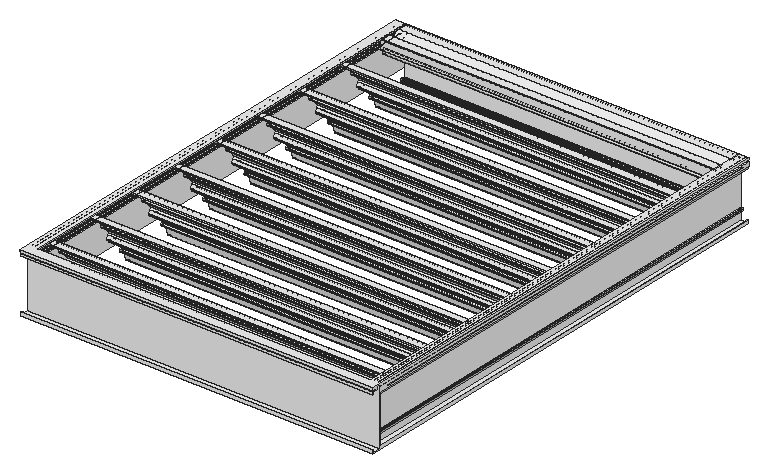
Revit family "All-Lite EFK-637_R17", category Mechanical Equipment, host Face, Revit 2017
Family settings
  Host = Face
  Round Connector Dimension = Use Diameter
  Part Type = Normal
  Cut with Voids When Loaded = No
  Shared = No
  Room Calculation Point = No
Parameters (values of type "36" x 48"")
  Width Control = if(Width < 4 1/2", 4 1/2", Width)  # 36"
  Width = 36"
  Wall Depth [instance] = 12"
  Velocity @ .15 in. wg. Pressure Loss = "1096 fpm"  # constant formula
  URL = "https://www.pottorff.com/"
  Pressure Loss = ".17 in. wg"  # constant formula
  Screen = "1/2'' x 0.063'' expanded and flattened aluminum."  # constant formula
  Product URL = ""
  Revit Components [instance] = "www.commensestudio.com"
  Mullion = "Visible"  # constant formula
  Modeled By = "Commense Studio"  # constant formula
  Model = "EFK-637"  # constant formula
  Maximum Size = "60'' x 120''"  # constant formula
  Louver Placement from Face [instance] = 1"
  Height Control = if(Height < 9", 9", Height)  # 48"
  Free Area Velocity = "1157 fpm"  # constant formula
  Design Load = "30 psf"  # constant formula
  Air Volume Delivered = "10102 cfm"  # constant formula
  Material = "Mill finish 6063-T5 extruded aluminum."  # constant formula
  Manufacturer = "All-Lite"  # constant formula
  Aluminum [instance] = Aluminum
  Blade Width = Width - 2"  # 34"
  Frame = "6'' deep x 0.081'' thick channel."  # constant formula
  Description = "The EFK-637 extruded aluminum louver is designed for intake\r\nand exhaust application where protection against water\r\ninfiltration is not critical. The EFK-637 is well suited for special\r\nshape applications and is available with hidden mullions for a\r\ncontinuous blade appearance of multiple section assemblies.\r\nThe EFK-637 is available in a wide array of anodized and\r\npainted finishes including custom color matching."  # constant formula
  Height = 48"
  Depth = 6"  # constant formula
  Default Elevation = 0"
  Minimum Size = "4.5'' x 9.0'"  # constant formula
  Blades = "37.5° x 0.081'' thick J- style."  # constant formula
  Assembly Code = "B3020300"
  Array Control 2 = if(Array Control 1 < 2, 2, Array Control 1)  # 8
  Array Control 1 = (Height - 10") / 4 3/4"  # 8
Types (3): name | Width Control | Width | URL | Product URL | Height Control | Blade Width | Height | Array Control 2 | Array Control 1
  (no name) | 36" | 36" | "https://www.pottorff.com/" | "" | 48" | 34" | 48" | 8 | 8
  60" x 120" | 60" | 60" | "https://www.alllite.com/" | "https://www.alllite.com/media/resource/EFK637.pdf" | 120" | 58" | 120" | 23 | 23
  36" x 48" | 36" | 36" | "https://www.pottorff.com/" | "" | 48" | 34" | 48" | 8 | 8
Reference planes (in)
  plane 1 "Center (Front/Back)": y = 0
  plane 2: z = 0
  plane 3 "Center (Left/Right)": x = 0
  plane 4 "L": x = -18
  plane 5 "R": x = 18
  plane 6 "B": y = 24
  plane 7 "F": y = -24
  plane 8 "Framing Sweeps": z = -1
  plane 9: x = -17
  plane 10: x = 17
  plane 11 "blade": z = -1.081
  plane 12: y = -21.75
  plane 13: y = 20.7965
  plane 14: y = 15.5
  plane 15: z = -7
  plane 16: z = -12
Forms (in)
  Sweep 1, solid, material "Aluminum" <- "Aluminum"
    path origin (0, 0, -1) x (-1, 0, 0) y (0, -1, 0)
      loop
        line (18, 24) -> (-18, 24)
    profile origin (0, -24, -1) x (0, 1, 0) y (0, 0, 1)
      loop
        line (0.984, -5.919) -> (0.984, 0) -> (0, 0) -> (0, -0.206) -> (0.065, -0.206)
        arc (0.065, -0.206) -> (0.07568, -0.17511) -> (0.10563, -0.162) r 0.04076
        line (0.10563, -0.162) -> (0.181, -0.162) -> (0.181, -0.081) -> (0.309, -0.081) -> (0.309, -0.162) -> (0.4005, -0.162) -> (0.4005, -0.305) -> (0, -0.305) -> (0, -0.5625) -> (0.081, -0.5625) -> (0.081, -0.386) -> (0.4815, -0.386) -> (0.4815, -0.081) -> (0.903, -0.081) -> (0.903, -5.919) -> (0.081, -5.919) -> (0.081, -5.6875) -> (0, -5.6875) -> (0, -6) -> (3.984, -6) -> (3.984, -5.919) -> (0.984, -5.919)
  Sweep 2, solid, material "Aluminum" <- "Aluminum"
    path origin (0, 0, -1) x (-1, 0, 0) y (0, -1, 0)
      loop
        line (17, -24) -> (-17, -24)
    profile origin (0, 24, -1) x (0, 1, 0) y (0, 0, 1)
      loop
        line (0, -6) -> (0, -0.213) -> (-0.401, -0.213) -> (-0.401, -0.07) -> (-0.09873, -0.07)
        arc (-0.09873, -0.07) -> (-0.08447, -0.07703) -> (-0.08138, -0.09263) r 0.01796
        arc (-0.08138, -0.09263) -> (-0.07846, -0.10736) -> (-0.065, -0.114) r 0.01697
        line (-0.065, -0.114) -> (0, -0.114) -> (0, 0) -> (-0.99667, 0) -> (-1.696, -0.69933) -> (-1.63872, -0.7566) -> (-0.96312, -0.081) -> (-0.482, -0.081) -> (-0.482, -0.294) -> (-0.081, -0.294) -> (-0.081, -0.812) -> (-0.29327, -0.812)
        arc (-0.29327, -0.812) -> (-0.33377, -0.8525) -> (-0.29327, -0.893) r 0.0405
        line (-0.29327, -0.893) -> (-0.1249, -0.893)
        arc (-0.1249, -0.893) -> (-0.0809, -0.937) -> (-0.1249, -0.981) r 0.044
        line (-0.1249, -0.981) -> (-0.59685, -0.981)
        arc (-0.59685, -0.981) -> (-0.56224, -0.94639) -> (-0.59685, -0.91177) r 0.03461
        line (-0.59685, -0.91177) -> (-0.90713, -0.91177)
        arc (-0.90713, -0.91177) -> (-0.92864, -0.90877) -> (-0.9485, -0.9) r 0.07856
        line (-0.9485, -0.9) -> (-3.1065, -0.9) -> (-3.1065, -0.081) -> (-2.2275, -0.081)
        arc (-2.2275, -0.081) -> (-2.187, -0.0405) -> (-2.2275, 0) r 0.0405
        line (-2.2275, 0) -> (-3.14844, 0)
        arc (-3.14844, 0) -> (-3.17606, -0.01144) -> (-3.1875, -0.03906) r 0.03906
        line (-3.1875, -0.03906) -> (-3.1875, -0.94378)
        arc (-3.1875, -0.94378) -> (-3.1766, -0.9701) -> (-3.15028, -0.981) r 0.03722
        line (-3.15028, -0.981) -> (-2.89238, -0.981)
        arc (-2.89238, -0.981) -> (-2.86453, -0.99253) -> (-2.853, -1.02038) r 0.03938
        line (-2.853, -1.02038) -> (-2.853, -1.13575)
        arc (-2.853, -1.13575) -> (-2.85952, -1.15736) -> (-2.87691, -1.17175) r 0.03906
        arc (-2.87691, -1.17175) -> (-2.97427, -1.2875) -> (-2.93733, -1.43417) r 0.166
        arc (-2.93733, -1.43417) -> (-2.88042, -1.43766) -> (-2.87642, -1.38078) r 0.0405
        arc (-2.87642, -1.38078) -> (-2.8125, -1.23975) -> (-2.74858, -1.38078) r 0.085
        arc (-2.74858, -1.38078) -> (-2.74482, -1.43793) -> (-2.68767, -1.43417) r 0.0405
        arc (-2.68767, -1.43417) -> (-2.65073, -1.2875) -> (-2.74809, -1.17175) r 0.166
        arc (-2.74809, -1.17175) -> (-2.76548, -1.15736) -> (-2.772, -1.13575) r 0.03906
        line (-2.772, -1.13575) -> (-2.772, -1.01598)
        arc (-2.772, -1.01598) -> (-2.76176, -0.99124) -> (-2.73702, -0.981) r 0.03498
        line (-2.73702, -0.981) -> (-1.89304, -0.981)
        arc (-1.89304, -0.981) -> (-1.86473, -0.99273) -> (-1.853, -1.02104) r 0.04004
        line (-1.853, -1.02104) -> (-1.853, -1.12468)
        arc (-1.853, -1.12468) -> (-1.8616, -1.15456) -> (-1.88475, -1.1753) r 0.05622
        arc (-1.88475, -1.1753) -> (-1.97518, -1.29171) -> (-1.93733, -1.43417) r 0.166
        arc (-1.93733, -1.43417) -> (-1.88042, -1.43766) -> (-1.87642, -1.38078) r 0.0405
        arc (-1.87642, -1.38078) -> (-1.8125, -1.23975) -> (-1.74858, -1.38078) r 0.085
        arc (-1.74858, -1.38078) -> (-1.74458, -1.43766) -> (-1.68767, -1.43417) r 0.0405
        arc (-1.68767, -1.43417) -> (-1.65054, -1.28834) -> (-1.74651, -1.17243) r 0.166
        arc (-1.74651, -1.17243) -> (-1.76506, -1.15683) -> (-1.772, -1.13361) r 0.04231
        line (-1.772, -1.13361) -> (-1.772, -1.02489)
        arc (-1.772, -1.02489) -> (-1.75914, -0.99386) -> (-1.7281, -0.981) r 0.04389
        line (-1.7281, -0.981) -> (-0.831, -0.981) -> (-0.831, -1.062) -> (-0.55649, -1.062)
        arc (-0.55649, -1.062) -> (-0.52821, -1.07371) -> (-0.5165, -1.10199) r 0.03999
        line (-0.5165, -1.10199) -> (-0.5165, -1.17239)
        arc (-0.5165, -1.17239) -> (-0.52274, -1.19295) -> (-0.53936, -1.20657) r 0.03697
        arc (-0.53936, -1.20657) -> (-0.63762, -1.32211) -> (-0.60095, -1.46928) r 0.166
        arc (-0.60095, -1.46928) -> (-0.5438, -1.47311) -> (-0.53998, -1.41596) r 0.0405
        arc (-0.53998, -1.41596) -> (-0.476, -1.275) -> (-0.41202, -1.41596) r 0.085
        arc (-0.41202, -1.41596) -> (-0.4082, -1.47311) -> (-0.35105, -1.46928) r 0.0405
        arc (-0.35105, -1.46928) -> (-0.31411, -1.32328) -> (-0.41042, -1.2075) r 0.166
        arc (-0.41042, -1.2075) -> (-0.42867, -1.19222) -> (-0.4355, -1.16942) r 0.04145
        line (-0.4355, -1.16942) -> (-0.4355, -1.10206)
        arc (-0.4355, -1.10206) -> (-0.42377, -1.07373) -> (-0.39544, -1.062) r 0.04006
        line (-0.39544, -1.062) -> (-0.12312, -1.062)
        arc (-0.12312, -1.062) -> (-0.09334, -1.07434) -> (-0.081, -1.10412) r 0.04212
        line (-0.081, -1.10412) -> (-0.081, -4.85985)
        arc (-0.081, -4.85985) -> (-0.09223, -4.88696) -> (-0.11934, -4.89819) r 0.03834
        line (-0.11934, -4.89819) -> (-0.28768, -4.89819)
        arc (-0.28768, -4.89819) -> (-0.30878, -4.8918) -> (-0.32279, -4.87479) r 0.03804
        arc (-0.32279, -4.87479) -> (-0.43839, -4.77701) -> (-0.58528, -4.81374) r 0.166
        arc (-0.58528, -4.81374) -> (-0.58911, -4.87089) -> (-0.53196, -4.87471) r 0.0405
        arc (-0.53196, -4.87471) -> (-0.391, -4.93869) -> (-0.53196, -5.00267) r 0.085
        arc (-0.53196, -5.00267) -> (-0.58911, -5.00649) -> (-0.58528, -5.06364) r 0.0405
        arc (-0.58528, -5.06364) -> (-0.43875, -5.10046) -> (-0.32307, -5.00326) r 0.166
        arc (-0.32307, -5.00326) -> (-0.30856, -4.98575) -> (-0.28679, -4.97919) r 0.03939
        line (-0.28679, -4.97919) -> (-0.12037, -4.97919)
        arc (-0.12037, -4.97919) -> (-0.09253, -4.99072) -> (-0.081, -5.01856) r 0.03937
        line (-0.081, -5.01856) -> (-0.081, -5.88124)
        arc (-0.081, -5.88124) -> (-0.09206, -5.90794) -> (-0.11876, -5.919) r 0.03776
        line (-0.11876, -5.919) -> (-0.75, -5.919) -> (-0.75, -6) -> (0, -6)
  Sweep 3, solid, material "Aluminum" <- "Aluminum"
    path origin (0, 0, -1) x (-1, 0, 0) y (0, -1, 0)
      loop
        line (18, -24) -> (18, 23.016)
    profile "Profile - Vertical Frame 1 : Profile - Vertical Frame 1" origin (-18, 0.492, -1) x (1, 0, 0) y (0, 0, 1)
      loop
        line (1, 0) -> (0, 0) -> (0, -0.206) -> (0.065, -0.206) -> (0.065, -0.162) -> (0.181, -0.162) -> (0.181, -0.081) -> (0.309, -0.081) -> (0.309, -0.162) -> (0.4005, -0.162) -> (0.4005, -0.305) -> (0, -0.305) -> (0, -0.84828)
        arc (0, -0.84828) -> (0.06849, -0.99401) -> (0.21422, -1.0625) r 0.23736
        line (0.21422, -1.0625) -> (0.30841, -1.0625)
        arc (0.30841, -1.0625) -> (0.3319, -1.06867) -> (0.34933, -1.08559) r 0.04781
        arc (0.34933, -1.08559) -> (0.40799, -1.09729) -> (0.41433, -1.03782) r 0.0405
        arc (0.41433, -1.03782) -> (0.478, -0.8965) -> (0.54167, -1.03782) r 0.085
        arc (0.54167, -1.03782) -> (0.54984, -1.09855) -> (0.60875, -1.08168) r 0.0405
        arc (0.60875, -1.08168) -> (0.62096, -1.0677) -> (0.63877, -1.0625) r 0.03309
        line (0.63877, -1.0625) -> (0.794, -1.0625) -> (0.794, -2.759)
        arc (0.794, -2.759) -> (0.78434, -2.77772) -> (0.76349, -2.7807) r 0.02297
        arc (0.76349, -2.7807) -> (0.67685, -2.77464) -> (0.59901, -2.81317) r 0.166
        arc (0.59901, -2.81317) -> (0.59551, -2.87033) -> (0.65268, -2.87383) r 0.0405
        arc (0.65268, -2.87383) -> (0.794, -2.9375) -> (0.65268, -3.00117) r 0.085
        arc (0.65268, -3.00117) -> (0.59551, -3.00467) -> (0.59901, -3.06183) r 0.0405
        arc (0.59901, -3.06183) -> (0.67478, -3.09993) -> (0.75947, -3.09564) r 0.166
        arc (0.75947, -3.09564) -> (0.78314, -3.09948) -> (0.794, -3.12086) r 0.02648
        line (0.794, -3.12086) -> (0.794, -3.919) -> (0.081, -3.919) -> (0.081, -3.728)
        arc (0.081, -3.728) -> (0.0405, -3.6875) -> (0, -3.728) r 0.0405
        line (0, -3.728) -> (0, -4) -> (0.875, -4) -> (0.875, -0.9815) -> (0.66593, -0.9815)
        arc (0.66593, -0.9815) -> (0.65045, -0.97564) -> (0.64273, -0.96101) r 0.02338
        arc (0.64273, -0.96101) -> (0.47961, -0.81551) -> (0.3137, -0.95782) r 0.166
        arc (0.3137, -0.95782) -> (0.30444, -0.97476) -> (0.28636, -0.9815) r 0.02762
        line (0.28636, -0.9815) -> (0.23632, -0.9815)
        arc (0.23632, -0.9815) -> (0.12649, -0.93601) -> (0.081, -0.82618) r 0.15532
        line (0.081, -0.82618) -> (0.081, -0.386) -> (0.4815, -0.386) -> (0.4815, -0.081) -> (0.794, -0.081) -> (0.794, -0.21761)
        arc (0.794, -0.21761) -> (0.8345, -0.25811) -> (0.875, -0.21761) r 0.0405
        line (0.875, -0.21761) -> (0.875, -0.081) -> (1, -0.081) -> (1, 0)
  Sweep 4, solid, material "Aluminum" <- "Aluminum"
    path origin (0, 0, -1) x (-1, 0, 0) y (0, -1, 0)
      loop
        line (-18, -24) -> (-18, 23.016)
    profile "Profile - Vertical Frame 1 : 6" Depth" origin (18, 0.492, -1) x (1, 0, 0) y (0, 0, 1)
      loop
        line (-1, 0) -> (-1, -0.081) -> (-0.875, -0.081) -> (-0.875, -0.21761)
        arc (-0.875, -0.21761) -> (-0.8345, -0.25811) -> (-0.794, -0.21761) r 0.0405
        line (-0.794, -0.21761) -> (-0.794, -0.081) -> (-0.4815, -0.081) -> (-0.4815, -0.386) -> (-0.081, -0.386) -> (-0.081, -0.82618)
        arc (-0.081, -0.82618) -> (-0.12649, -0.93601) -> (-0.23632, -0.9815) r 0.15532
        line (-0.23632, -0.9815) -> (-0.28636, -0.9815)
        arc (-0.28636, -0.9815) -> (-0.30444, -0.97476) -> (-0.3137, -0.95782) r 0.02762
        arc (-0.3137, -0.95782) -> (-0.47961, -0.81551) -> (-0.64273, -0.96101) r 0.166
        arc (-0.64273, -0.96101) -> (-0.65045, -0.97564) -> (-0.66593, -0.9815) r 0.02338
        line (-0.66593, -0.9815) -> (-0.875, -0.9815) -> (-0.875, -6) -> (0, -6) -> (0, -5.728)
        arc (0, -5.728) -> (-0.0405, -5.6875) -> (-0.081, -5.728) r 0.0405
        line (-0.081, -5.728) -> (-0.081, -5.919) -> (-0.794, -5.919) -> (-0.794, -5.12086)
        arc (-0.794, -5.12086) -> (-0.78314, -5.09948) -> (-0.75947, -5.09564) r 0.02648
        arc (-0.75947, -5.09564) -> (-0.67478, -5.09993) -> (-0.59901, -5.06183) r 0.166
        arc (-0.59901, -5.06183) -> (-0.59551, -5.00467) -> (-0.65268, -5.00117) r 0.0405
        arc (-0.65268, -5.00117) -> (-0.794, -4.9375) -> (-0.65268, -4.87383) r 0.085
        arc (-0.65268, -4.87383) -> (-0.59551, -4.87033) -> (-0.59901, -4.81317) r 0.0405
        arc (-0.59901, -4.81317) -> (-0.67685, -4.77464) -> (-0.76349, -4.7807) r 0.166
        arc (-0.76349, -4.7807) -> (-0.78434, -4.77772) -> (-0.794, -4.759) r 0.02297
        line (-0.794, -4.759) -> (-0.794, -1.0625) -> (-0.63877, -1.0625)
        arc (-0.63877, -1.0625) -> (-0.62096, -1.0677) -> (-0.60875, -1.08168) r 0.03309
        arc (-0.60875, -1.08168) -> (-0.54984, -1.09855) -> (-0.54167, -1.03782) r 0.0405
        arc (-0.54167, -1.03782) -> (-0.478, -0.8965) -> (-0.41433, -1.03782) r 0.085
        arc (-0.41433, -1.03782) -> (-0.40799, -1.09729) -> (-0.34933, -1.08559) r 0.0405
        arc (-0.34933, -1.08559) -> (-0.3319, -1.06867) -> (-0.30841, -1.0625) r 0.04781
        line (-0.30841, -1.0625) -> (-0.21422, -1.0625)
        arc (-0.21422, -1.0625) -> (-0.06849, -0.99401) -> (0, -0.84828) r 0.23736
        line (0, -0.84828) -> (0, -0.305) -> (-0.4005, -0.305) -> (-0.4005, -0.162) -> (-0.309, -0.162) -> (-0.309, -0.081) -> (-0.181, -0.081) -> (-0.181, -0.162) -> (-0.065, -0.162) -> (-0.065, -0.206) -> (0, -0.206) -> (0, 0) -> (-1, 0)
  Extrusion 5, void
    sketch origin (10.61611, 0, 0) x (0, 0, 1) y (0, -1, 0)
      loop
        line (0, 24) -> (-12, 24) -> (-12, -24) -> (0, -24) -> (0, 24)
    from -28.61611 to 7.38389
Cuts and joins
  joined: Sweep 1, Sweep 3, Sweep 4
Lines and regions (in)
  symbolic lines
    curve 1: line (-18, 24, -1) -> (18, 24, -1)
    curve 2: line (-18, -24, -1) -> (-18, 24, -1)
    curve 3: line (18, -24, -1) -> (-18, -24, -1)
    curve 4: line (18, 24, -1) -> (18, -24, -1)
    curve 5: line (-17.5, 23.5, -1) -> (17.5, 23.5, -1)
    curve 6: line (17.5, 23.5, -1) -> (17.5, -23.5, -1)
    curve 7: line (17.5, -23.5, -1) -> (-17.5, -23.5, -1)
    curve 8: line (-17.5, -23.5, -1) -> (-17.5, 23.5, -1)
Dimensions and locks (in)
  equal spacing: plane 4 "L", plane 3 "Center (Left/Right)", plane 5 "R"
  "Width Control": plane 4 "L" to plane 5 "R"
  equal spacing: plane 7 "F", plane 1 "Center (Front/Back)", plane 6 "B"
  "Height Control": plane 7 "F" to plane 6 "B"
  "Louver Placement from Face": level to plane 8 "Framing Sweeps"
  plane 4 "L" to plane 9 = 1"
  plane 10 to plane 5 "R" = 1"
  locked: plane 7 "F" to plane 12 at 2.25
  locked: plane 13 to plane 6 "B" at 3.2035
  equal spacing: group 1, group 3, group 4, group 5, group 6, group 7, group 8, group 2  (x3)
  locked: plane 8 "Framing Sweeps" to plane 11 "blade" at 0.081
  "Wall Depth": level to plane 16
  "Depth": plane 8 "Framing Sweeps" to plane 15
  plane 14 to plane 6 "B" = 8 1/2"
  aligned and locked: plane 2 to host face
  aligned and locked: level to host face
  aligned and locked: plane 11 "blade" to nested 1
  aligned and locked: plane 12 to nested 1
  aligned and locked: plane 14 to nested 2
  aligned and locked: plane 6 "B" to Sweep 2 sketch curve
  aligned and locked: Sweep 4 sketch curve to plane 5 "R"
  aligned and locked: plane 9 to Sweep 2 sketch curve
  aligned and locked: Sweep 2 sketch curve to plane 10
  aligned and locked: plane 11 "blade" to nested 2
  aligned and locked: plane 16 to host face
  aligned and locked: plane 16 to Extrusion 5
  aligned and locked: plane 7 "F" to Extrusion 5
  aligned and locked: Extrusion 5 to plane 4 "L"
  aligned and locked: plane 5 "R" to Extrusion 5
Automatic sketch dimensions
  host sketch curve to host sketch curve = 96"
  host sketch curve to host sketch curve = 158.30898"
  curve 1 to plane 5 "R" = 0"
  curve 2 to plane 4 "L" = 0"
  plane 6 "B" to curve 1 = 0"
  plane 7 "F" to curve 3 = 0"
  curve 7 to plane 5 "R" = 1/2"
  plane 4 "L" to curve 7 = 1/2"
  plane 6 "B" to curve 5 = 1/2"
  curve 8 to plane 7 "F" = 1/2"
  Sweep 4 sketch curve to plane 6 "B" = 0"
  Sweep 4 sketch curve to plane 7 "F" = 0.984"
  Sweep 3 sketch curve to plane 4 "L" = 0"
  Sweep 3 sketch curve to plane 6 "B" = 0"
  Sweep 3 sketch curve to plane 7 "F" = 0.984"
  Sweep 1 sketch curve to plane 5 "R" = 0"
  Sweep 1 sketch curve to plane 4 "L" = 0"
  plane 7 "F" to Sweep 1 sketch curve = 0"
  Extrusion 5 sketch curve to level = 0"
  Extrusion 5 sketch curve to plane 6 "B" = 0"
  Extrusion 5 sketch curve to plane 11 "blade" = 10.919"
  Extrusion 5 sketch curve to plane 14 = 39 1/2"
  Sweep 1 sketch curve to profile plane = 0"  (x3)
  Sweep 1 sketch curve to plane 8 "Framing Sweeps" = 0"
  Sweep 1 sketch curve to Sweep 1 sketch curve = 0.065"
  Sweep 1 sketch curve to Sweep 1 sketch curve = 0.081"  (x7)
  Sweep 1 sketch curve to profile plane = 0.081"
  Sweep 1 sketch curve to Sweep 1 sketch curve = 0.04063"
  Sweep 1 sketch curve to Sweep 1 sketch curve = 0.07537"
  Sweep 1 sketch curve to Sweep 1 sketch curve = 0.128"
  Sweep 1 sketch curve to Sweep 1 sketch curve = 0.0915"
  Sweep 1 sketch curve to Sweep 1 sketch curve = 0.822"
  Sweep 1 sketch curve to Sweep 1 sketch curve = 3"
  Sweep 1 sketch curve to plane 8 "Framing Sweeps" = 0.081"  (x2)
  Sweep 1 sketch curve to Sweep 1 sketch curve = 0.04076"
  Sweep 1 sketch curve to Sweep 1 sketch curve = 0.099"
  Sweep 1 sketch curve to Sweep 1 sketch curve = 0.1765"
  Sweep 1 sketch curve to Sweep 1 sketch curve = 5 1/8"
  Sweep 1 sketch curve to Sweep 1 sketch curve = 0.2315"
  Sweep 1 sketch curve to Sweep 1 sketch curve = 0"
  Sweep 2 sketch curve to Sweep 2 sketch curve = 0"  (x30)
  Sweep 2 sketch curve to profile plane = 0"  (x2)
  profile plane to Sweep 2 sketch curve = 0.065"
  profile plane to Sweep 2 sketch curve = 0.081"  (x3)
  Sweep 2 sketch curve to Sweep 2 sketch curve = 0.03373"
  Sweep 2 sketch curve to Sweep 2 sketch curve = 0.03776"
  Sweep 2 sketch curve to Sweep 2 sketch curve = 0.03834"
  Sweep 2 sketch curve to Sweep 2 sketch curve = 0.03937"  (x2)
  Sweep 2 sketch curve to Sweep 2 sketch curve = 0.04212"
  profile plane to Sweep 2 sketch curve = 0.1249"
  Sweep 2 sketch curve to Sweep 2 sketch curve = 0.16642"
  Sweep 2 sketch curve to Sweep 2 sketch curve = 0.00089"
  Sweep 2 sketch curve to Sweep 2 sketch curve = 0.16837"
  profile plane to Sweep 2 sketch curve = 0.38153"
  Sweep 2 sketch curve to Sweep 2 sketch curve = 0.01251"
  Sweep 2 sketch curve to Sweep 2 sketch curve = 0.00139"
  Sweep 2 sketch curve to Sweep 2 sketch curve = 0.30227"
  Sweep 2 sketch curve to Sweep 2 sketch curve = 0.04145"
  Sweep 2 sketch curve to Sweep 2 sketch curve = 0.18832"
  Sweep 2 sketch curve to Sweep 2 sketch curve = 0.09447"  (x4)
  Sweep 2 sketch curve to Sweep 2 sketch curve = 0.081"  (x8)
  Sweep 2 sketch curve to Sweep 2 sketch curve = 0.03697"
  Sweep 2 sketch curve to Sweep 2 sketch curve = 0.03999"
  Sweep 2 sketch curve to Sweep 2 sketch curve = 0.08262"  (x4)
  Sweep 2 sketch curve to Sweep 2 sketch curve = 0.04036"
  Sweep 2 sketch curve to Sweep 2 sketch curve = 0.63124"
  Sweep 2 sketch curve to Sweep 2 sketch curve = 0.23415"
  Sweep 2 sketch curve to Sweep 2 sketch curve = 0.07613"
  Sweep 2 sketch curve to Sweep 2 sketch curve = 0.04136"
  Sweep 2 sketch curve to plane 8 "Framing Sweeps" = 0.081"  (x2)
  Sweep 2 sketch curve to Sweep 2 sketch curve = 0.48112"
  plane 8 "Framing Sweeps" to Sweep 2 sketch curve = 0"  (x2)
  Sweep 2 sketch curve to Sweep 2 sketch curve = 0.03355"
  Sweep 2 sketch curve to plane 8 "Framing Sweeps" = 0.7566"
  Sweep 2 sketch curve to Sweep 2 sketch curve = 0.69022"
  Sweep 2 sketch curve to plane 8 "Framing Sweeps" = 0.69933"
  Sweep 2 sketch curve to Sweep 2 sketch curve = 0.05728"
  Sweep 2 sketch curve to Sweep 2 sketch curve = 0.07916"
  Sweep 2 sketch curve to Sweep 2 sketch curve = 0.08938"
  Sweep 2 sketch curve to Sweep 2 sketch curve = 0.00159"
  Sweep 2 sketch curve to Sweep 2 sketch curve = 0.04231"
  Sweep 2 sketch curve to Sweep 2 sketch curve = 0.09462"  (x3)
  Sweep 2 sketch curve to Sweep 2 sketch curve = 0.04004"
  Sweep 2 sketch curve to Sweep 2 sketch curve = 0.05622"
  Sweep 2 sketch curve to Sweep 2 sketch curve = 0.5315"
  Sweep 2 sketch curve to Sweep 2 sketch curve = 0.81101"
  Sweep 2 sketch curve to Sweep 2 sketch curve = 0.01481"
  Sweep 2 sketch curve to Sweep 2 sketch curve = 0.00408"
  Sweep 2 sketch curve to Sweep 2 sketch curve = 0.03498"
  Sweep 2 sketch curve to Sweep 2 sketch curve = 0.09438"
  Sweep 2 sketch curve to Sweep 2 sketch curve = 5/128"
  Sweep 2 sketch curve to Sweep 2 sketch curve = 0.03938"
  Sweep 2 sketch curve to Sweep 2 sketch curve = 0.879"
  Sweep 2 sketch curve to Sweep 2 sketch curve = 0.04194"
  Sweep 2 sketch curve to Sweep 2 sketch curve = 0.04378"  (x2)
  Sweep 2 sketch curve to Sweep 2 sketch curve = 0.03722"
  Sweep 2 sketch curve to plane 8 "Framing Sweeps" = 0.812"
  Sweep 2 sketch curve to Sweep 2 sketch curve = 0.02122"
  Sweep 2 sketch curve to Sweep 2 sketch curve = 0.0405"
  Sweep 2 sketch curve to Sweep 2 sketch curve = 0.819"
  Sweep 2 sketch curve to Sweep 2 sketch curve = 0.044"
  Sweep 2 sketch curve to Sweep 2 sketch curve = 0.2244"
  Sweep 2 sketch curve to Sweep 2 sketch curve = 0.06923"
  Sweep 2 sketch curve to Sweep 2 sketch curve = 0.10364"
  Sweep 2 sketch curve to Sweep 2 sketch curve = 0.10871"
  Sweep 2 sketch curve to Sweep 2 sketch curve = 0.11537"
  Sweep 2 sketch curve to Sweep 2 sketch curve = 0.06736"
  Sweep 2 sketch curve to Sweep 2 sketch curve = 0.0704"
  Sweep 2 sketch curve to Sweep 2 sketch curve = 0.19114"
  Sweep 2 sketch curve to Sweep 2 sketch curve = 0.189"
  Sweep 2 sketch curve to Sweep 2 sketch curve = 0.18761"
  Sweep 2 sketch curve to Sweep 2 sketch curve = 0.08245"  (x3)
  Sweep 2 sketch curve to Sweep 2 sketch curve = 0.08272"
  Sweep 2 sketch curve to Sweep 2 sketch curve = 3.4016"
  Sweep 2 sketch curve to Sweep 2 sketch curve = 1/64"
  Sweep 2 sketch curve to Sweep 2 sketch curve = 0.03804"
  Sweep 2 sketch curve to Sweep 2 sketch curve = 0.03939"
  Sweep 2 sketch curve to Sweep 2 sketch curve = 0.86269"
  Sweep 2 sketch curve to Sweep 2 sketch curve = 0.11876"
  Sweep 2 sketch curve to Sweep 2 sketch curve = 0.213"
  Sweep 2 sketch curve to Sweep 2 sketch curve = 0.099"
  Sweep 2 sketch curve to Sweep 2 sketch curve = 0.01697"
  Sweep 2 sketch curve to Sweep 2 sketch curve = 0.00907"
  Sweep 2 sketch curve to plane 8 "Framing Sweeps" = 0.07"
  Sweep 2 sketch curve to Sweep 2 sketch curve = 0.03049"
  Sweep 2 sketch curve to Sweep 2 sketch curve = 0.02666"
  Sweep 2 sketch curve to Sweep 2 sketch curve = 0.03022"
  Sweep 2 sketch curve to Sweep 2 sketch curve = 0.0307"  (x3)
  Sweep 2 sketch curve to Sweep 2 sketch curve = 0.03046"
Nested families (in)
  nested 1: "Blade_J-Style_37 deg" at (0, -21.75, -1.081), type "Blade_J-Style_37 deg"
    with W 34"
  nested 2: "Blade_J-Style_37 deg" at (0, 15.5, -1.081), type "Blade_J-Style_37 deg"
    with W 34"
  nested 3: "Blade_J-Style_37 deg" at (0, -16.42857, -1.081), type "Blade_J-Style_37 deg"
    with W 34"
  nested 4: "Blade_J-Style_37 deg" at (0, -11.10714, -1.081), type "Blade_J-Style_37 deg"
    with W 34"
  nested 5: "Blade_J-Style_37 deg" at (0, -5.78571, -1.081), type "Blade_J-Style_37 deg"
    with W 34"
  nested 6: "Blade_J-Style_37 deg" at (0, -0.46429, -1.081), type "Blade_J-Style_37 deg"
    with W 34"
  nested 7: "Blade_J-Style_37 deg" at (0, 4.85714, -1.081), type "Blade_J-Style_37 deg"
    with W 34"
  nested 8: "Blade_J-Style_37 deg" at (0, 10.17857, -1.081), type "Blade_J-Style_37 deg"
    with W 34"
Connectors (in)
  hvac at (0, 0, -1), driven by "Height", driven by "Width"
    settings: index 1, duct flow 0 CFM, flow factor 0, pres drop 0.00 in-wg, loss coef 0, conn angle 0.00°, conn width 36", conn height 48", conn diameter 24", duct sys type 1, conn prof type 1, flow config 0, flow direction 0, loss method 0, conn ref index -1, conn util no, is conn primary yes, conn desc ""
Definition of nested family "Blade_J-Style_37 deg"
  Parameters (values of type "Blade_J-Style_37 deg")
    W = 58"
    Spacing = 4 3/4"
    Depth = 6"
    Blade = none
    Assembly Code = ""
  Reference planes (in)
    plane 1 "Center (Front/Back)": y = 0
    plane 2: z = 0
    plane 3 "Center (Left/Right)": x = 0
    plane 4: x = -29
    plane 5: x = 29
    plane 6: z = 0
    plane 7: y = 4.75
    plane 8: z = -6
  Forms (in)
    Sweep 1, solid, material <- "Blade"
      path origin (0, 0, 0) x (1, 0, 0) y (0, 0, -1)
        loop
          line (-29, 0) -> (29, 0)
      profile origin (0, 0, 0) x (0, 0, -1) y (0, 1, 0)
        loop
          line (0.081, 0.0405) -> (0.081, 0.78461) -> (1.13375, 1.57792)
          arc (1.13375, 1.57792) -> (1.17271, 1.58336) -> (1.19791, 1.55315) r 0.0405
          arc (1.19791, 1.55315) -> (1.24206, 1.46861) -> (1.32562, 1.42262) r 0.165
          arc (1.32562, 1.42262) -> (1.37304, 1.45125) -> (1.34754, 1.50042) r 0.0405
          arc (1.34754, 1.50042) -> (1.30915, 1.65148) -> (1.44377, 1.57295) r 0.0845
          arc (1.44377, 1.57295) -> (1.48401, 1.53487) -> (1.5246, 1.57257) r 0.0405
          arc (1.5246, 1.57257) -> (1.50343, 1.66556) -> (1.43434, 1.73131) r 0.165
          arc (1.43434, 1.73131) -> (1.41224, 1.7639) -> (1.42828, 1.79986) r 0.0405
          line (1.42828, 1.79986) -> (2.39156, 2.52575)
          arc (2.39156, 2.52575) -> (2.52855, 2.5346) -> (2.59105, 2.41238) r 0.125
          line (2.59105, 2.41238) -> (2.92823, 2.26926) -> (2.98712, 2.31363)
          arc (2.98712, 2.31363) -> (2.99203, 2.38927) -> (2.91651, 2.38287) r 0.05
          line (2.91651, 2.38287) -> (2.68679, 2.48038) -> (2.65669, 2.72554) -> (2.85395, 2.87419) -> (3.08132, 2.77768) -> (3.11173, 2.52998)
          arc (3.11173, 2.52998) -> (3.08477, 2.45914) -> (3.15882, 2.44302) r 0.05
          line (3.15882, 2.44302) -> (3.21771, 2.4874) -> (3.17307, 2.85096)
          arc (3.17307, 2.85096) -> (3.07282, 2.94473) -> (3.11908, 3.07397) r 0.125
          line (3.11908, 3.07397) -> (4.38015, 4.02425)
          arc (4.38015, 4.02425) -> (4.42285, 4.02803) -> (4.44502, 3.99134) r 0.0405
          arc (4.44502, 3.99134) -> (4.48101, 3.8861) -> (4.57562, 3.82762) r 0.165
          arc (4.57562, 3.82762) -> (4.62304, 3.85625) -> (4.59754, 3.90542) r 0.0405
          arc (4.59754, 3.90542) -> (4.55915, 4.05648) -> (4.69377, 3.97795) r 0.0845
          arc (4.69377, 3.97795) -> (4.73401, 3.93987) -> (4.7746, 3.97757) r 0.0405
          arc (4.7746, 3.97757) -> (4.72715, 4.1052) -> (4.5999, 4.15369) r 0.165
          arc (4.5999, 4.15369) -> (4.56452, 4.1705) -> (4.55992, 4.20941) r 0.0405
          arc (4.55992, 4.20941) -> (4.5738, 4.2535) -> (4.58025, 4.29928) r 0.281
          arc (4.58025, 4.29928) -> (4.58818, 4.32025) -> (4.60666, 4.33295) r 0.0375
          line (4.60666, 4.33295) -> (5.85636, 4.71741)
          arc (5.85636, 4.71741) -> (5.89769, 4.7467) -> (5.91354, 4.79483) r 0.081
          line (5.91354, 4.79483) -> (5.91354, 5.50247)
          arc (5.91354, 5.50247) -> (5.87304, 5.54297) -> (5.83254, 5.50247) r 0.0405
          line (5.83254, 5.50247) -> (5.83254, 4.82474)
          arc (5.83254, 4.82474) -> (5.82462, 4.80068) -> (5.80395, 4.78603) r 0.0405
          line (5.80395, 4.78603) -> (4.49679, 4.3839)
          arc (4.49679, 4.3839) -> (4.46846, 4.35088) -> (4.4864, 4.31124) r 0.0405
          arc (4.4864, 4.31124) -> (4.49827, 4.29875) -> (4.50331, 4.28226) r 0.0375
          arc (4.50331, 4.28226) -> (4.49328, 4.22795) -> (4.45871, 4.18488) r 0.113
          line (4.45871, 4.18488) -> (0, 0.825) -> (0, 0.0405)
          arc (0, 0.0405) -> (0.0405, 0) -> (0.081, 0.0405) r 0.0405
  Dimensions and locks (in)
    plane 5 to plane 4 = 58"
    equal spacing: plane 4, plane 3 "Center (Left/Right)", plane 5
    "W": plane 4 to plane 5
    "Spacing": plane 1 "Center (Front/Back)" to plane 7
    "Depth": level to plane 8
    aligned and locked: plane 2 to level
  Automatic sketch dimensions
    Sweep 1 sketch curve to plane 4 = 0"
    Sweep 1 sketch curve to plane 5 = 0"
    level to Sweep 1 sketch curve = 0"
    Sweep 1 sketch curve to Sweep 1 sketch curve = 0"  (x40)
    Sweep 1 sketch curve to profile plane = 0.0405"
    Sweep 1 sketch curve to profile plane = 1.15812"
    Sweep 1 sketch curve to Sweep 1 sketch curve = 0.17593"
    Sweep 1 sketch curve to Sweep 1 sketch curve = 0.02594"  (x2)
    Sweep 1 sketch curve to Sweep 1 sketch curve = 0.06828"
    Sweep 1 sketch curve to Sweep 1 sketch curve = 0.0243"
    Sweep 1 sketch curve to Sweep 1 sketch curve = 0.1242"  (x2)
    Sweep 1 sketch curve to Sweep 1 sketch curve = 0.96329"
    Sweep 1 sketch curve to Sweep 1 sketch curve = 0.07523"  (x2)
    Sweep 1 sketch curve to Sweep 1 sketch curve = 0.49024"
    Sweep 1 sketch curve to Sweep 1 sketch curve = 0.17171"
    Sweep 1 sketch curve to Sweep 1 sketch curve = 0.06558"
    Sweep 1 sketch curve to Sweep 1 sketch curve = 1.10541"
    Sweep 1 sketch curve to Sweep 1 sketch curve = 0.09082"
    Sweep 1 sketch curve to Sweep 1 sketch curve = 0.01398"
    Sweep 1 sketch curve to Sweep 1 sketch curve = 0.06817"
    Sweep 1 sketch curve to Sweep 1 sketch curve = 0.07534"
    Sweep 1 sketch curve to Sweep 1 sketch curve = 0.03091"
    Sweep 1 sketch curve to Sweep 1 sketch curve = 0.01176"
    Sweep 1 sketch curve to Sweep 1 sketch curve = 0.17954"
    Sweep 1 sketch curve to Sweep 1 sketch curve = 0.13872"
    Sweep 1 sketch curve to Sweep 1 sketch curve = 0.02026"
    Sweep 1 sketch curve to Sweep 1 sketch curve = 1.17435"
    Sweep 1 sketch curve to Sweep 1 sketch curve = 0.0405"  (x4)
    profile plane to Sweep 1 sketch curve = 0.0405"
    profile plane to Sweep 1 sketch curve = 1.46223"
    Sweep 1 sketch curve to Sweep 1 sketch curve = 0.08334"
    Sweep 1 sketch curve to Sweep 1 sketch curve = 0.11314"  (x2)
    Sweep 1 sketch curve to Sweep 1 sketch curve = 0.00863"  (x2)
    Sweep 1 sketch curve to Sweep 1 sketch curve = 0.0324"
    Sweep 1 sketch curve to Sweep 1 sketch curve = 0.5861"
    Sweep 1 sketch curve to Sweep 1 sketch curve = 0.07235"
    Sweep 1 sketch curve to Sweep 1 sketch curve = 0.12939"
    Sweep 1 sketch curve to Sweep 1 sketch curve = 0.09983"
    Sweep 1 sketch curve to Sweep 1 sketch curve = 0.49119"
    Sweep 1 sketch curve to Sweep 1 sketch curve = 0.89309"
    Sweep 1 sketch curve to Sweep 1 sketch curve = 0.00291"
    Sweep 1 sketch curve to Sweep 1 sketch curve = 0.00924"
    Sweep 1 sketch curve to Sweep 1 sketch curve = 0.09012"
    Sweep 1 sketch curve to Sweep 1 sketch curve = 0.00485"
    Sweep 1 sketch curve to Sweep 1 sketch curve = 0.103"
    Sweep 1 sketch curve to Sweep 1 sketch curve = 0.06288"
    Sweep 1 sketch curve to Sweep 1 sketch curve = 0.03875"
    Sweep 1 sketch curve to Sweep 1 sketch curve = 0.49772"
    Sweep 1 sketch curve to Sweep 1 sketch curve = 0.02991"
    Sweep 1 sketch curve to Sweep 1 sketch curve = 0.67772"
    Sweep 1 sketch curve to profile plane = 0"
    Sweep 1 sketch curve to Sweep 1 sketch curve = 0.081"  (x2)
    Sweep 1 sketch curve to Sweep 1 sketch curve = 0.02437"  (x2)
    Sweep 1 sketch curve to Sweep 1 sketch curve = 0.03979"
    Sweep 1 sketch curve to Sweep 1 sketch curve = 0.01348"  (x2)
    Sweep 1 sketch curve to Sweep 1 sketch curve = 0.04043"  (x2)
    Sweep 1 sketch curve to Sweep 1 sketch curve = 0.12426"
    Sweep 1 sketch curve to Sweep 1 sketch curve = 0.06564"
    Sweep 1 sketch curve to Sweep 1 sketch curve = 0.09574"
    Sweep 1 sketch curve to Sweep 1 sketch curve = 0.19726"
    Sweep 1 sketch curve to Sweep 1 sketch curve = 0.04051"
    Sweep 1 sketch curve to Sweep 1 sketch curve = 0.0288"
    Sweep 1 sketch curve to Sweep 1 sketch curve = 0.03009"  (x2)
    Sweep 1 sketch curve to Sweep 1 sketch curve = 0.11299"
    Sweep 1 sketch curve to Sweep 1 sketch curve = 0.017"
    Sweep 1 sketch curve to Sweep 1 sketch curve = 0.09175"
    Sweep 1 sketch curve to Sweep 1 sketch curve = 0.05889"
    Sweep 1 sketch curve to Sweep 1 sketch curve = 0.0375"
    Sweep 1 sketch curve to Sweep 1 sketch curve = 0.01103"
    Sweep 1 sketch curve to Sweep 1 sketch curve = 0.02859"
    Sweep 1 sketch curve to Sweep 1 sketch curve = 0.02382"
    Sweep 1 sketch curve to Sweep 1 sketch curve = 0.74411"
    Sweep 1 sketch curve to Sweep 1 sketch curve = 0.04038"
    Sweep 1 sketch curve to Sweep 1 sketch curve = 0.08431"
    Sweep 1 sketch curve to Sweep 1 sketch curve = 0.03993"  (x2)
    Sweep 1 sketch curve to Sweep 1 sketch curve = 0.068"
    Sweep 1 sketch curve to Sweep 1 sketch curve = 0.04437"
    Sweep 1 sketch curve to Sweep 1 sketch curve = 0.24516"
    Sweep 1 sketch curve to Sweep 1 sketch curve = 0.2477"
    Sweep 1 sketch curve to Sweep 1 sketch curve = 0.07329"
    Sweep 1 sketch curve to Sweep 1 sketch curve = 0.14865"
